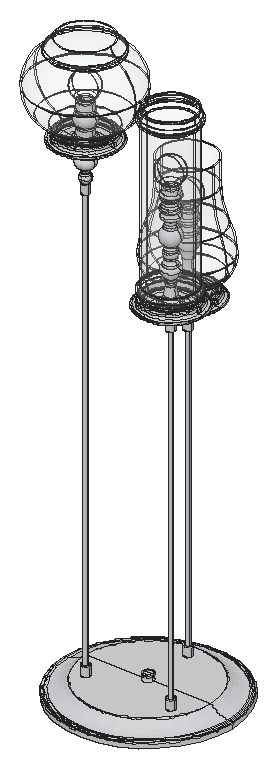
Revit family "Light_Fixture-Pendant-KOHLER-Damask-K-23341_1", category Lighting Fixtures, host Face, Revit 2017 (continued)
Definition of nested family "K-23341"
  Lines and regions (in)
    Masking region 2
      outline origin (0, 3.65551, 0) x (0, 0, -1) y (-1, 0, 0)
        loop
          arc (-26.96066, -3.49261) -> (-26.87226, -3.5439) -> (-26.79545, -3.47649) r 0.08758
          line (-26.79545, -3.47649) -> (-26.79545, -3.42572)
          arc (-26.79545, -3.42572) -> (-26.78861, -3.43925) -> (-26.77446, -3.4447) r 0.02109
          line (-26.77446, -3.4447) -> (-26.1077, -3.4447)
          arc (-26.1077, -3.4447) -> (-26.09291, -3.43857) -> (-26.08679, -3.42379) r 0.02091
          line (-26.08679, -3.42379) -> (-26.08679, -3.2867) -> (-1.77165, -3.2867) -> (-1.77165, -3.42349)
          arc (-1.77165, -3.42349) -> (-1.76558, -3.43815) -> (-1.75092, -3.44423) r 0.02073
          line (-1.75092, -3.44423) -> (-1.08811, -3.44423)
          arc (-1.08811, -3.44423) -> (-1.07023, -3.43696) -> (-1.0625, -3.41928) r 0.02561
          line (-1.0625, -3.41928) -> (-1.0625, -4.60472)
          arc (-1.0625, -4.60472) -> (-1.05823, -4.62558) -> (-1.04611, -4.64308) r 0.05308
          arc (-1.04611, -4.64308) -> (-0.60836, -5.26401) -> (-0.43737, -6.00424) r 1.97506
          arc (-0.43737, -6.00424) -> (-0.42285, -6.05013) -> (-0.38661, -6.08181) r 0.08926
          arc (-0.38661, -6.08181) -> (-0.36432, -6.09411) -> (-0.35545, -6.11798) r 0.03658
          line (-0.35545, -6.11798) -> (-0.35545, -6.20934)
          arc (-0.35545, -6.20934) -> (-0.34354, -6.23809) -> (-0.31479, -6.25) r 0.04066
          line (-0.31479, -6.25) -> (0, -6.25) -> (0, 6.25) -> (-0.31479, 6.25)
        loop
          line (-1.77165, -0.13805) -> (-22.62086, -0.13805) -> (-22.62086, -0.27538)
          arc (-22.62086, -0.27538) -> (-22.62665, -0.28937) -> (-22.64064, -0.29517) r 0.01978
          line (-22.64064, -0.29517) -> (-23.3093, -0.29517)
          arc (-23.3093, -0.29517) -> (-23.32341, -0.28944) -> (-23.32952, -0.27549) r 0.02023
          line (-23.32952, -0.27549) -> (-23.32952, -0.32812)
          arc (-23.32952, -0.32812) -> (-23.37123, -0.37758) -> (-23.42701, -0.34481) r 0.05017
          arc (-23.42701, -0.34481) -> (-23.43743, -0.33326) -> (-23.45297, -0.33252) r 0.02022
          arc (-23.45297, -0.33252) -> (-23.47474, -0.34466) -> (-23.49154, -0.36307) r 0.07766
          arc (-23.49154, -0.36307) -> (-23.51333, -0.39171) -> (-23.53899, -0.41694) r 0.25106
          arc (-23.53899, -0.41694) -> (-23.5759, -0.42861) -> (-23.61003, -0.41033) r 0.04982
          arc (-23.61003, -0.41033) -> (-23.62403, -0.40313) -> (-23.63878, -0.40864) r 0.01947
          arc (-23.63878, -0.40864) -> (-23.75597, -0.48547) -> (-23.89349, -0.5124) r 0.3645
          arc (-23.89349, -0.5124) -> (-23.97298, -0.49194) -> (-24.03272, -0.43564) r 0.16464
          arc (-24.03272, -0.43564) -> (-24.04548, -0.42766) -> (-24.05968, -0.43266) r 0.01735
          arc (-24.05968, -0.43266) -> (-24.0888, -0.44203) -> (-24.11331, -0.42374) r 0.03336
          arc (-24.11331, -0.42374) -> (-24.12457, -0.4032) -> (-24.13776, -0.38384) r 0.24292
          arc (-24.13776, -0.38384) -> (-24.16273, -0.36133) -> (-24.19428, -0.34975) r 0.08859
          arc (-24.19428, -0.34975) -> (-24.23529, -0.34815) -> (-24.27548, -0.35651) r 0.16847
          arc (-24.27548, -0.35651) -> (-24.32818, -0.38581) -> (-24.36719, -0.43178) r 0.16847
          arc (-24.36719, -0.43178) -> (-24.37907, -0.44678) -> (-24.39476, -0.45772) r 0.0657
          arc (-24.39476, -0.45772) -> (-24.41747, -0.4573) -> (-24.43012, -0.43844) r 0.02455
          line (-24.43012, -0.43844) -> (-24.43012, -0.97431)
          arc (-24.43012, -0.97431) -> (-24.43455, -0.99096) -> (-24.44667, -1.0032) r 0.03348
          arc (-24.44667, -1.0032) -> (-24.49271, -1.04318) -> (-24.52118, -1.0971) r 0.16573
          arc (-24.52118, -1.0971) -> (-24.54803, -1.20311) -> (-24.56361, -1.31136) r 1.03998
          arc (-24.56361, -1.31136) -> (-24.57758, -1.46869) -> (-24.59101, -1.62608) r 45.49267
          arc (-24.59101, -1.62608) -> (-24.60765, -1.83072) -> (-24.62336, -2.03545) r 45.49267
          arc (-24.62336, -2.03545) -> (-24.63769, -2.13895) -> (-24.66496, -2.23982) r 0.82677
          arc (-24.66496, -2.23982) -> (-24.69648, -2.30641) -> (-24.74233, -2.36408) r 0.32156
          arc (-24.74233, -2.36408) -> (-24.77716, -2.37253) -> (-24.80069, -2.34551) r 0.03449
          arc (-24.80069, -2.34551) -> (-24.80821, -2.29576) -> (-24.81371, -2.24575) r 1.24951
          arc (-24.81371, -2.24575) -> (-24.83472, -2.15603) -> (-24.87976, -2.07565) r 0.3292
          arc (-24.87976, -2.07565) -> (-24.90377, -2.04927) -> (-24.93201, -2.02748) r 0.20429
          line (-24.93201, -2.02748) -> (-24.93201, -2.09011)
          arc (-24.93201, -2.09011) -> (-24.93898, -2.10696) -> (-24.95583, -2.11394) r 0.02383
          line (-24.95583, -2.11394) -> (-25.223, -2.11394)
          arc (-25.223, -2.11394) -> (-25.24003, -2.10688) -> (-25.24709, -2.08985) r 0.02409
          line (-25.24709, -2.08985) -> (-25.24709, -1.96577) -> (-25.24709, -1.753)
          arc (-25.24709, -1.753) -> (-25.88105, -1.99257) -> (-26.38388, -2.44697) r 1.82489
          arc (-26.38388, -2.44697) -> (-26.58361, -2.63917) -> (-26.83257, -2.76107) r 0.89528
          arc (-26.83257, -2.76107) -> (-26.80542, -2.78758) -> (-26.79545, -2.8242) r 0.07225
          line (-26.79545, -2.8242) -> (-26.79545, -2.87349)
          arc (-26.79545, -2.87349) -> (-26.78861, -2.85996) -> (-26.77446, -2.85452) r 0.02109
          line (-26.77446, -2.85452) -> (-26.1077, -2.85452)
          arc (-26.1077, -2.85452) -> (-26.09291, -2.86064) -> (-26.08679, -2.87543) r 0.02091
          line (-26.08679, -2.87543) -> (-26.08679, -3.01252) -> (-1.77165, -3.01252) -> (-1.77165, -2.87572)
          arc (-1.77165, -2.87572) -> (-1.76558, -2.86106) -> (-1.75092, -2.85499) r 0.02073
          line (-1.75092, -2.85499) -> (-1.08811, -2.85499)
          arc (-1.08811, -2.85499) -> (-1.07023, -2.86225) -> (-1.0625, -2.87993) r 0.02561
          line (-1.0625, -2.87993) -> (-1.0625, -0.35265)
          arc (-1.0625, -0.35265) -> (-1.22149, -0.30281) -> (-1.38047, -0.35265) r 0.27852
          line (-1.38047, -0.35265) -> (-1.5097, -0.35265)
          arc (-1.5097, -0.35265) -> (-1.52783, -0.34514) -> (-1.53534, -0.32701) r 0.02563
          line (-1.53534, -0.32701) -> (-1.53534, -0.29512) -> (-1.75035, -0.29512)
          arc (-1.75035, -0.29512) -> (-1.76541, -0.28888) -> (-1.77165, -0.27381) r 0.02131
          line (-1.77165, -0.27381) -> (-1.77165, -0.13805)
    Masking region 3
      outline origin (0, 0, 0) x (0, 1, 0) y (0, 0, 1)
        loop
          line (6.25, 0) -> (6.25, 0.31874)
          arc (6.25, 0.31874) -> (6.23947, 0.34417) -> (6.21404, 0.3547) r 0.03596
          line (6.21404, 0.3547) -> (6.12593, 0.3547)
          arc (6.12593, 0.3547) -> (6.09846, 0.36341) -> (6.08104, 0.38637) r 0.04764
          arc (6.08104, 0.38637) -> (6.05294, 0.42294) -> (6.00873, 0.43607) r 0.07479
          arc (6.00873, 0.43607) -> (5.2665, 0.60523) -> (4.63454, 1.02966) r 2.08406
          arc (4.63454, 1.02966) -> (4.59753, 1.05397) -> (4.55408, 1.0625) r 0.11498
          line (4.55408, 1.0625) -> (3.92928, 1.0625)
          arc (3.92928, 1.0625) -> (3.944, 1.06892) -> (3.95005, 1.08379) r 0.0213
          line (3.95005, 1.08379) -> (3.95005, 1.75169)
          arc (3.95005, 1.75169) -> (3.9442, 1.76581) -> (3.93009, 1.77165) r 0.01996
          line (3.93009, 1.77165) -> (3.7928, 1.77165) -> (3.7928, 22.62086) -> (3.92919, 22.62086)
          arc (3.92919, 22.62086) -> (3.94486, 22.62735) -> (3.95135, 22.64302) r 0.02216
          line (3.95135, 22.64302) -> (3.95135, 23.30072)
          arc (3.95135, 23.30072) -> (3.94632, 23.31785) -> (3.93282, 23.32952) r 0.03164
          line (3.93282, 23.32952) -> (3.9842, 23.32952)
          arc (3.9842, 23.32952) -> (4.03278, 23.36933) -> (4.00327, 23.42478) r 0.04954
          arc (4.00327, 23.42478) -> (3.98813, 23.44279) -> (3.99403, 23.46557) r 0.02566
          arc (3.99403, 23.46557) -> (4.02817, 23.50019) -> (4.06551, 23.53134) r 0.50099
          arc (4.06551, 23.53134) -> (4.08492, 23.56928) -> (4.06715, 23.60801) r 0.04885
          arc (4.06715, 23.60801) -> (4.05929, 23.62322) -> (4.06485, 23.63941) r 0.02177
          arc (4.06485, 23.63941) -> (4.14059, 23.76379) -> (4.16539, 23.90729) r 0.38973
          arc (4.16539, 23.90729) -> (4.14521, 23.97927) -> (4.09229, 24.03208) r 0.14732
          arc (4.09229, 24.03208) -> (4.08309, 24.04586) -> (4.0883, 24.0616) r 0.01889
          arc (4.0883, 24.0616) -> (4.09667, 24.09085) -> (4.07682, 24.11391) r 0.03203
          arc (4.07682, 24.11391) -> (4.01238, 24.17487) -> (4.00993, 24.26355) r 0.1159
          arc (4.00993, 24.26355) -> (4.04859, 24.33139) -> (4.1059, 24.38443) r 0.25617
          arc (4.1059, 24.38443) -> (4.11611, 24.41151) -> (4.09395, 24.43012) r 0.02503
          line (4.09395, 24.43012) -> (4.62815, 24.43012)
          arc (4.62815, 24.43012) -> (4.64625, 24.43477) -> (4.65986, 24.44759) r 0.03753
          arc (4.65986, 24.44759) -> (4.70027, 24.49262) -> (4.75323, 24.52187) r 0.18154
          arc (4.75323, 24.52187) -> (4.87573, 24.55424) -> (5.00181, 24.56694) r 0.80342
          line (5.00181, 24.56694) -> (5.44326, 24.60556) -> (5.77797, 24.63484)
          arc (5.77797, 24.63484) -> (5.90783, 24.66839) -> (6.01974, 24.74232) r 0.40705
          arc (6.01974, 24.74232) -> (6.02818, 24.78251) -> (5.99315, 24.80393) r 0.03562
          arc (5.99315, 24.80393) -> (5.86626, 24.81519) -> (5.74878, 24.86443) r 0.41465
          arc (5.74878, 24.86443) -> (5.67153, 24.94882) -> (5.65054, 25.06129) r 0.20817
          line (5.65054, 25.06129) -> (5.65054, 25.21766)
          arc (5.65054, 25.21766) -> (5.64185, 25.23862) -> (5.6209, 25.2473) r 0.02964
          line (5.6209, 25.2473) -> (5.4157, 25.2473) -> (5.4851, 25.5063)
          arc (5.4851, 25.5063) -> (5.6898, 25.95708) -> (6.02913, 26.31758) r 1.51206
          arc (6.02913, 26.31758) -> (6.49576, 26.92441) -> (6.59301, 27.6837) r 1.46638
          arc (6.59301, 27.6837) -> (6.38019, 28.79211) -> (6.05125, 29.87178) r 10.64933
          arc (6.05125, 29.87178) -> (5.75231, 30.94707) -> (5.62318, 32.05564) r 7.1987
          line (5.62318, 32.05564) -> (5.62318, 34.05512) -> (1.68784, 34.05512) -> (1.68784, 32.05564)
          arc (1.68784, 32.05564) -> (1.55871, 30.94707) -> (1.25978, 29.87178) r 7.1987
          arc (1.25978, 29.87178) -> (0.93084, 28.79211) -> (0.71801, 27.6837) r 10.64933
          arc (0.71801, 27.6837) -> (0.81526, 26.92441) -> (1.28189, 26.31758) r 1.46638
          arc (1.28189, 26.31758) -> (1.62122, 25.95708) -> (1.82592, 25.5063) r 1.51206
          line (1.82592, 25.5063) -> (1.89532, 25.2473) -> (1.69013, 25.2473)
          arc (1.69013, 25.2473) -> (1.66917, 25.23862) -> (1.66049, 25.21766) r 0.02964
          line (1.66049, 25.21766) -> (1.66049, 25.06129)
          arc (1.66049, 25.06129) -> (1.6395, 24.94882) -> (1.56224, 24.86443) r 0.20817
          arc (1.56224, 24.86443) -> (1.44476, 24.81519) -> (1.31788, 24.80393) r 0.41465
          arc (1.31788, 24.80393) -> (1.28284, 24.78251) -> (1.29128, 24.74232) r 0.03562
          arc (1.29128, 24.74232) -> (1.40319, 24.66839) -> (1.53306, 24.63484) r 0.40705
          line (1.53306, 24.63484) -> (1.86776, 24.60556) -> (2.30922, 24.56694)
          arc (2.30922, 24.56694) -> (2.43529, 24.55424) -> (2.5578, 24.52187) r 0.80342
          arc (2.5578, 24.52187) -> (2.61076, 24.49262) -> (2.65116, 24.44759) r 0.18154
          arc (2.65116, 24.44759) -> (2.66477, 24.43477) -> (2.68288, 24.43012) r 0.03753
          line (2.68288, 24.43012) -> (3.21707, 24.43012)
          arc (3.21707, 24.43012) -> (3.19491, 24.41151) -> (3.20512, 24.38443) r 0.02503
          arc (3.20512, 24.38443) -> (3.26243, 24.33139) -> (3.3011, 24.26355) r 0.25617
          arc (3.3011, 24.26355) -> (3.29864, 24.17487) -> (3.23421, 24.11391) r 0.1159
          arc (3.23421, 24.11391) -> (3.21435, 24.09085) -> (3.22273, 24.0616) r 0.03203
          arc (3.22273, 24.0616) -> (3.22793, 24.04586) -> (3.21873, 24.03208) r 0.01889
          arc (3.21873, 24.03208) -> (3.16582, 23.97927) -> (3.14564, 23.90729) r 0.14732
          arc (3.14564, 23.90729) -> (3.17043, 23.76379) -> (3.24617, 23.63941) r 0.38973
          arc (3.24617, 23.63941) -> (3.25173, 23.62322) -> (3.24387, 23.60801) r 0.02177
          arc (3.24387, 23.60801) -> (3.22611, 23.56928) -> (3.24551, 23.53134) r 0.04885
          arc (3.24551, 23.53134) -> (3.28285, 23.50019) -> (3.31699, 23.46557) r 0.50099
          arc (3.31699, 23.46557) -> (3.3229, 23.44279) -> (3.30775, 23.42478) r 0.02566
          arc (3.30775, 23.42478) -> (3.27825, 23.36933) -> (3.32682, 23.32952) r 0.04954
          line (3.32682, 23.32952) -> (3.37821, 23.32952)
          arc (3.37821, 23.32952) -> (3.36471, 23.31785) -> (3.35967, 23.30072) r 0.03164
          line (3.35967, 23.30072) -> (3.35967, 22.64302)
          arc (3.35967, 22.64302) -> (3.36616, 22.62735) -> (3.38183, 22.62086) r 0.02216
          line (3.38183, 22.62086) -> (3.51822, 22.62086) -> (3.51822, 1.77165) -> (3.38093, 1.77165)
          arc (3.38093, 1.77165) -> (3.36682, 1.76581) -> (3.36097, 1.75169) r 0.01996
          line (3.36097, 1.75169) -> (3.36097, 1.08379)
          arc (3.36097, 1.08379) -> (3.36721, 1.06873) -> (3.38227, 1.0625) r 0.0213
          line (3.38227, 1.0625) -> (0.35488, 1.0625)
          arc (0.35488, 1.0625) -> (0.30372, 1.21955) -> (0.35265, 1.37732) r 0.27261
          line (0.35265, 1.37732) -> (0.35265, 1.50701)
          arc (0.35265, 1.50701) -> (0.34423, 1.52734) -> (0.3239, 1.53576) r 0.02875
          line (0.3239, 1.53576) -> (-0.3239, 1.53576)
          arc (-0.3239, 1.53576) -> (-0.34423, 1.52734) -> (-0.35265, 1.50701) r 0.02875
          line (-0.35265, 1.50701) -> (-0.35265, 1.37732)
          arc (-0.35265, 1.37732) -> (-0.30372, 1.21955) -> (-0.35488, 1.0625) r 0.27261
          line (-0.35488, 1.0625) -> (-1.582, 1.0625)
          arc (-1.582, 1.0625) -> (-1.56728, 1.06892) -> (-1.56122, 1.08379) r 0.0213
          line (-1.56122, 1.08379) -> (-1.56122, 1.75169)
          arc (-1.56122, 1.75169) -> (-1.56707, 1.76581) -> (-1.58118, 1.77165) r 0.01996
          line (-1.58118, 1.77165) -> (-1.71847, 1.77165) -> (-1.71847, 26.08656) -> (-1.58039, 26.08656)
          arc (-1.58039, 26.08656) -> (-1.56626, 26.09241) -> (-1.5604, 26.10654) r 0.01998
          line (-1.5604, 26.10654) -> (-1.5604, 26.77241)
          arc (-1.5604, 26.77241) -> (-1.56715, 26.7887) -> (-1.58345, 26.79545) r 0.02305
          line (-1.58345, 26.79545) -> (-1.54611, 26.79545)
          arc (-1.54611, 26.79545) -> (-1.46488, 26.85661) -> (-1.50119, 26.95158) r 0.08453
          arc (-1.50119, 26.95158) -> (-1.53044, 26.97947) -> (-1.54645, 27.01658) r 0.10115
          arc (-1.54645, 27.01658) -> (-1.55687, 27.11064) -> (-1.54923, 27.20496) r 0.49582
          arc (-1.54923, 27.20496) -> (-1.53446, 27.24107) -> (-1.50615, 27.26792) r 0.09277
          arc (-1.50615, 27.26792) -> (-1.46393, 27.34044) -> (-1.50164, 27.41541) r 0.08807
          line (-1.50164, 27.41541) -> (-0.90237, 27.41541)
          arc (-0.90237, 27.41541) -> (-0.87581, 27.42183) -> (-0.8551, 27.43965) r 0.05821
          arc (-0.8551, 27.43965) -> (-0.75944, 27.52202) -> (-0.63672, 27.55166) r 0.26895
          line (-0.63672, 27.55166) -> (0.2193, 27.62656)
          arc (0.2193, 27.62656) -> (0.3719, 27.6632) -> (0.50712, 27.74289) r 0.53065
          arc (0.50712, 27.74289) -> (0.51811, 27.77739) -> (0.49081, 27.80118) r 0.03298
          line (0.49081, 27.80118) -> (0.34832, 27.8206)
          arc (0.34832, 27.8206) -> (0.20745, 27.89193) -> (0.14085, 28.0351) r 0.24131
          line (0.14085, 28.0351) -> (0.14085, 28.21611)
          arc (0.14085, 28.21611) -> (0.1315, 28.23868) -> (0.10893, 28.24803) r 0.03192
          line (0.10893, 28.24803) -> (-0.10184, 28.24803) -> (-0.05058, 28.28392)
          arc (-0.05058, 28.28392) -> (-0.03542, 28.30046) -> (-0.02867, 28.32185) r 0.05187
          arc (-0.02867, 28.32185) -> (-0.00391, 28.41483) -> (0.05079, 28.49399) r 0.28074
          arc (0.05079, 28.49399) -> (0.14065, 28.62787) -> (0.17579, 28.78523) r 0.4366
          arc (0.17579, 28.78523) -> (0.11819, 28.97866) -> (-0.04435, 29.0983) r 0.31754
          line (-0.04435, 29.0983) -> (-0.04435, 36.34244) -> (0.17795, 36.35916)
          arc (0.17795, 36.35916) -> (0.22721, 36.36461) -> (0.27597, 36.37349) r 0.70752
          arc (0.27597, 36.37349) -> (0.39555, 36.41278) -> (0.50465, 36.47554) r 0.61649
          arc (0.50465, 36.47554) -> (0.51795, 36.51365) -> (0.48669, 36.53917) r 0.03518
          arc (0.48669, 36.53917) -> (0.41305, 36.54662) -> (0.33991, 36.55799) r 1.38347
          arc (0.33991, 36.55799) -> (0.20981, 36.62599) -> (0.14098, 36.75566) r 0.24789
          line (0.14098, 36.75566) -> (0.14098, 36.9516)
          arc (0.14098, 36.9516) -> (0.13177, 36.97383) -> (0.10954, 36.98304) r 0.03144
          line (0.10954, 36.98304) -> (-0.08607, 36.98304) -> (-0.05954, 37.05592)
          arc (-0.05954, 37.05592) -> (0.0866, 37.30002) -> (0.313, 37.47233) r 0.75168
          arc (0.313, 37.47233) -> (1.44125, 38.4664) -> (1.92041, 39.89172) r 2.90157
          arc (1.92041, 39.89172) -> (1.63107, 41.29821) -> (0.67021, 42.36529) r 2.74039
          arc (0.67021, 42.36529) -> (0.63695, 42.40775) -> (0.63707, 42.46169) r 0.08238
          arc (0.63707, 42.46169) -> (0.63094, 42.55883) -> (0.5571, 42.62227) r 0.12528
          arc (0.5571, 42.62227) -> (0.218, 42.86089) -> (0.07473, 43.25) r 0.69612
          line (0.07473, 43.25) -> (-3.78566, 43.25)
          arc (-3.78566, 43.25) -> (-3.92892, 42.86089) -> (-4.26803, 42.62227) r 0.69612
          arc (-4.26803, 42.62227) -> (-4.34187, 42.55883) -> (-4.348, 42.46169) r 0.12528
          arc (-4.348, 42.46169) -> (-4.34787, 42.40775) -> (-4.38114, 42.36529) r 0.08238
          arc (-4.38114, 42.36529) -> (-5.342, 41.29821) -> (-5.63134, 39.89172) r 2.74039
          arc (-5.63134, 39.89172) -> (-5.15217, 38.4664) -> (-4.02393, 37.47233) r 2.90157
          arc (-4.02393, 37.47233) -> (-3.79753, 37.30002) -> (-3.65139, 37.05592) r 0.75168
          line (-3.65139, 37.05592) -> (-3.62486, 36.98304) -> (-3.82047, 36.98304)
          arc (-3.82047, 36.98304) -> (-3.8427, 36.97383) -> (-3.85191, 36.9516) r 0.03144
          line (-3.85191, 36.9516) -> (-3.85191, 36.75566)
          arc (-3.85191, 36.75566) -> (-3.92073, 36.62599) -> (-4.05084, 36.55799) r 0.24789
          arc (-4.05084, 36.55799) -> (-4.12398, 36.54662) -> (-4.19762, 36.53917) r 1.38347
          arc (-4.19762, 36.53917) -> (-4.22888, 36.51365) -> (-4.21558, 36.47554) r 0.03518
          arc (-4.21558, 36.47554) -> (-4.10648, 36.41278) -> (-3.9869, 36.37349) r 0.61649
          arc (-3.9869, 36.37349) -> (-3.93814, 36.36461) -> (-3.88888, 36.35916) r 0.70752
          line (-3.88888, 36.35916) -> (-3.66658, 36.34244) -> (-3.66658, 29.0983)
          arc (-3.66658, 29.0983) -> (-3.82911, 28.97866) -> (-3.88671, 28.78523) r 0.31754
          arc (-3.88671, 28.78523) -> (-3.85157, 28.62787) -> (-3.76171, 28.49399) r 0.4366
          arc (-3.76171, 28.49399) -> (-3.70702, 28.41483) -> (-3.68226, 28.32185) r 0.28074
          arc (-3.68226, 28.32185) -> (-3.6755, 28.30046) -> (-3.66034, 28.28392) r 0.05187
          line (-3.66034, 28.28392) -> (-3.60909, 28.24803) -> (-3.81985, 28.24803)
          arc (-3.81985, 28.24803) -> (-3.84243, 28.23868) -> (-3.85178, 28.21611) r 0.03192
          line (-3.85178, 28.21611) -> (-3.85178, 28.0351)
          arc (-3.85178, 28.0351) -> (-3.91838, 27.89193) -> (-4.05925, 27.8206) r 0.24131
          line (-4.05925, 27.8206) -> (-4.20174, 27.80118)
          arc (-4.20174, 27.80118) -> (-4.22904, 27.77739) -> (-4.21804, 27.74289) r 0.03298
          arc (-4.21804, 27.74289) -> (-4.08283, 27.6632) -> (-3.93023, 27.62656) r 0.53065
          line (-3.93023, 27.62656) -> (-3.0742, 27.55166)
          arc (-3.0742, 27.55166) -> (-2.95149, 27.52202) -> (-2.85582, 27.43965) r 0.26895
          arc (-2.85582, 27.43965) -> (-2.83512, 27.42183) -> (-2.80855, 27.41541) r 0.05821
          line (-2.80855, 27.41541) -> (-2.20929, 27.41541)
          arc (-2.20929, 27.41541) -> (-2.247, 27.34044) -> (-2.20478, 27.26792) r 0.08807
          arc (-2.20478, 27.26792) -> (-2.17647, 27.24107) -> (-2.1617, 27.20496) r 0.09277
          arc (-2.1617, 27.20496) -> (-2.15406, 27.11064) -> (-2.16448, 27.01658) r 0.49582
          arc (-2.16448, 27.01658) -> (-2.18048, 26.97947) -> (-2.20974, 26.95158) r 0.10115
          arc (-2.20974, 26.95158) -> (-2.24605, 26.85661) -> (-2.16482, 26.79545) r 0.08453
          line (-2.16482, 26.79545) -> (-2.12748, 26.79545)
          arc (-2.12748, 26.79545) -> (-2.14377, 26.7887) -> (-2.15052, 26.77241) r 0.02305
          line (-2.15052, 26.77241) -> (-2.15052, 26.10654)
          arc (-2.15052, 26.10654) -> (-2.14467, 26.09241) -> (-2.13054, 26.08656) r 0.01998
          line (-2.13054, 26.08656) -> (-1.99305, 26.08656) -> (-1.99305, 1.77165) -> (-2.13034, 1.77165)
          arc (-2.13034, 1.77165) -> (-2.14445, 1.76581) -> (-2.1503, 1.75169) r 0.01996
          line (-2.1503, 1.75169) -> (-2.1503, 1.08379)
          arc (-2.1503, 1.08379) -> (-2.14425, 1.06892) -> (-2.12953, 1.0625) r 0.0213
          line (-2.12953, 1.0625) -> (-4.55408, 1.0625)
          arc (-4.55408, 1.0625) -> (-4.59753, 1.05397) -> (-4.63454, 1.02966) r 0.11498
          arc (-4.63454, 1.02966) -> (-5.2665, 0.60523) -> (-6.00873, 0.43607) r 2.08406
          arc (-6.00873, 0.43607) -> (-6.05294, 0.42294) -> (-6.08104, 0.38637) r 0.07479
          arc (-6.08104, 0.38637) -> (-6.09846, 0.36341) -> (-6.12593, 0.3547) r 0.04764
          line (-6.12593, 0.3547) -> (-6.21404, 0.3547)
          arc (-6.21404, 0.3547) -> (-6.23947, 0.34417) -> (-6.25, 0.31874) r 0.03596
          line (-6.25, 0.31874) -> (-6.25, 0) -> (6.25, 0)
    symbolic lines, detail levels medium+fine
      curve 1: circle (3.14961, -1.85546, 0) r 2.375 normal (0, 0, 1)
      curve 2: arc (-0.40562, 0.74615, 0) -> (2.71101, 2.52443, 0) -> (1.7824, 5.99046, 0) r 2.9375
      curve 3: arc (-2.74488, -5.61499, 0) -> (0.10834, 0.06382, 0) -> (-6.24176, 0.32087, 0) r 3.78125
      curve 4: circle (-3.14961, -1.85546, 0) r 1 normal (0, 0, 1)
      curve 5: circle (-3.14961, -1.85546, 0) r 1.60651 normal (0, 0, 1)
      curve 6: circle (-3.14961, -1.85546, 0) r 1.82849 normal (0, 0, 1)
      curve 7: circle (-3.14961, -1.85546, 0) r 1.9302 normal (0, 0, 1)
      curve 8: circle (-3.14961, -1.85546, 0) r 2.5 normal (0, 0, 1)
      curve 9: circle (0, 3.65551, 0) r 1 normal (0, 0, 1)
      curve 10: circle (0, 3.65551, 0) r 1.61348 normal (0, 0, 1)
      curve 11: circle (0, 3.65551, 0) r 1.85272 normal (0, 0, 1)
      curve 12: circle (0, 3.65551, 0) r 1.96767 normal (0, 0, 1)
      curve 13: circle (3.14961, -1.85546, 0) r 1 normal (0, 0, 1)
      curve 14: circle (3.14961, -1.85546, 0) r 1.58656 normal (0, 0, 1)
      curve 15: circle (3.14961, -1.85546, 0) r 1.70407 normal (0, 0, 1)
      curve 16: circle (3.14961, -1.85546, 0) r 2.03125 normal (0, 0, 1)
      curve 17: arc (-0.07504, 0.34565, 0) -> (0.30476, 0.17953, 0) -> (0.26596, -0.23319, 0) r 0.35371
      curve 18: line (2.00381, -0.17822, 0) -> (1.97128, -0.1306, 0)
      curve 19: line (1.97992, -0.09264, 0) -> (2.20907, 0.03965, 0)
      curve 20: line (2.27162, -0.02376, 0) -> (2.23976, 0.03143, 0)
      curve 21: arc (1.97128, -0.1306, 0) -> (1.96732, -0.10974, 0) -> (1.97992, -0.09264, 0) r 0.02654
      curve 22: arc (2.20907, 0.03965, 0) -> (2.22612, 0.0419, 0) -> (2.23976, 0.03143, 0) r 0.02247
      curve 23: line (2.00317, -3.53226, 0) -> (1.97363, -3.57546, 0)
      curve 24: line (2.27056, -3.68665, 0) -> (2.25037, -3.72871, 0)
      curve 25: line (2.20558, -3.74336, 0) -> (1.986, -3.62597, 0)
      curve 26: arc (1.986, -3.62597, 0) -> (1.96854, -3.60347, 0) -> (1.97363, -3.57546, 0) r 0.03492
      curve 27: arc (2.25037, -3.72871, 0) -> (2.2311, -3.7456, 0) -> (2.20558, -3.74336, 0) r 0.03262
      curve 28: line (5.17506, -1.70215, 0) -> (5.23549, -1.70215, 0)
      curve 29: line (5.17471, -2.01331, 0) -> (5.24111, -2.01331, 0)
      curve 30: line (5.25963, -1.72629, 0) -> (5.25963, -1.99479, 0)
      curve 31: arc (5.24111, -2.01331, 0) -> (5.25421, -2.00789, 0) -> (5.25963, -1.99479, 0) r 0.01852
      curve 32: arc (5.23549, -1.70215, 0) -> (5.25256, -1.70922, 0) -> (5.25963, -1.72629, 0) r 0.02414
      curve 33: line (-4.92068, 3.65551, 36.98366) -> (-1.25984, 3.65551, 36.98366)
      curve 34: line (-3.62202, 3.65551, 36.125) -> (-2.67719, 3.65551, 36.125)
      curve 35: line (-3.62202, 3.65551, 35.64628) -> (-2.67719, 3.65551, 35.64628)
      curve 36: line (-3.63629, 3.65551, 35.53056) -> (-2.66292, 3.65551, 35.53056)
      curve 37: line (-3.36626, 3.65551, 34.50561) -> (-2.93295, 3.65551, 34.50561)
      curve 38: line (-3.39892, 3.65551, 34.3745) -> (-2.90029, 3.65551, 34.3745)
      curve 39: line (-3.40092, 3.65551, 34.28777) -> (-2.89829, 3.65551, 34.28777)
      curve 40: line (-3.36598, 3.65551, 33.64033) -> (-2.93222, 3.65551, 33.64033)
      curve 41: line (-3.28736, 3.65551, 32.8923) -> (-3.01185, 3.65551, 32.8923)
      curve 42: line (1.33702, 3.65551, 34.05512) -> (1.33702, 3.65551, 29.0983)
      curve 43: line (-1.753, 3.65551, 25.24709) -> (1.753, 3.65551, 25.24709)
      curve 44: line (-0.43844, 3.65551, 24.43012) -> (0.43844, 3.65551, 24.43012)
      curve 45: line (0.4476, 3.65551, 24.0244) -> (-0.4476, 3.65551, 24.0244)
      curve 46: line (-0.40313, 3.65551, 23.62403) -> (0.40313, 3.65551, 23.62403)
      curve 47: line (-0.34481, 3.65551, 23.42701) -> (0.34481, 3.65551, 23.42701)
      curve 48: line (-0.27549, 3.65551, 23.32952) -> (0.27549, 3.65551, 23.32952)
      curve 49: line (-0.13805, 3.65551, 22.62086) -> (0.13805, 3.65551, 22.62086)
      curve 50: line (3.01252, 3.65551, 26.08679) -> (3.2867, 3.65551, 26.08679)
      curve 51: line (1.99739, 3.65551, 25.24632) -> (1.99739, 3.65551, 25.08961)
      curve 52: arc (1.99739, 3.65551, 25.08961) -> (2.00498, 3.65551, 25.00938) -> (2.02748, 3.65551, 24.93201) r 0.42773
      curve 53: arc (1.33702, 3.65551, 29.0983) -> (1.12497, 3.65551, 28.85545) -> (1.2091, 3.65551, 28.54422) r 0.34195
      curve 54: arc (1.2091, 3.65551, 28.54422) -> (1.27486, 3.65551, 28.45057) -> (1.31161, 3.65551, 28.3422) r 0.40246
      curve 55: line (1.39513, 3.65551, 28.24803) -> (1.36147, 3.65551, 28.26906)
      curve 56: arc (1.36147, 3.65551, 28.26906) -> (1.32886, 3.65551, 28.3004) -> (1.31161, 3.65551, 28.3422) r 0.11002
      curve 57: line (1.39513, 3.65551, 28.24803) -> (1.18224, 3.65551, 28.24803)
      curve 58: arc (1.18224, 3.65551, 28.24803) -> (1.16301, 3.65551, 28.24006) -> (1.15504, 3.65551, 28.22083) r 0.0272
      curve 59: arc (1.12201, 3.65551, 27.93475) -> (1.03292, 3.65551, 27.85364) -> (0.91813, 3.65551, 27.81704) r 0.28247
      curve 60: arc (0.91813, 3.65551, 27.81704) -> (0.85992, 3.65551, 27.81009) -> (0.80212, 3.65551, 27.80024) r 1.17215
      curve 61: arc (0.80212, 3.65551, 27.80024) -> (0.77533, 3.65551, 27.77361) -> (0.78964, 3.65551, 27.73864) r 0.03403
      curve 62: arc (0.78964, 3.65551, 27.73864) -> (0.94655, 3.65551, 27.66022) -> (1.11836, 3.65551, 27.62484) r 0.67546
      curve 63: line (1.11836, 3.65551, 27.62484) -> (1.81177, 3.65551, 27.57423)
      curve 64: arc (1.81177, 3.65551, 27.57423) -> (1.95575, 3.65551, 27.55172) -> (2.0941, 3.65551, 27.50595) r 0.88727
      curve 65: arc (2.0941, 3.65551, 27.50595) -> (2.14759, 3.65551, 27.46952) -> (2.1831, 3.65551, 27.41541) r 0.16606
      curve 66: line (2.1831, 3.65551, 27.41541) -> (2.8016, 3.65551, 27.41541)
      curve 67: arc (2.78314, 3.65551, 27.28037) -> (2.75838, 3.65551, 27.35254) -> (2.8016, 3.65551, 27.41541) r 0.08484
      curve 68: arc (2.8066, 3.65551, 26.96066) -> (2.85537, 3.65551, 27.12496) -> (2.78314, 3.65551, 27.28037) r 0.24207
      curve 69: line (2.82273, 3.65551, 26.79545) -> (2.87349, 3.65551, 26.79545)
      curve 70: arc (2.87349, 3.65551, 26.79545) -> (2.85996, 3.65551, 26.78861) -> (2.85452, 3.65551, 26.77446) r 0.02109
      curve 71: arc (2.76107, 3.65551, 26.83257) -> (2.77386, 3.65551, 26.90016) -> (2.8066, 3.65551, 26.96066) r 0.22358
      curve 72: arc (1.15504, 3.65551, 28.03426) -> (1.14597, 3.65551, 27.98203) -> (1.12201, 3.65551, 27.93475) r 0.17919
      curve 73: line (1.15504, 3.65551, 28.03426) -> (1.15504, 3.65551, 28.22083)
      curve 74: line (2.8016, 3.65551, 27.41541) -> (3.49761, 3.65551, 27.41541)
      curve 75: line (1.33702, 3.65551, 29.0983) -> (4.9622, 3.65551, 29.0983)
      curve 76: line (1.39513, 3.65551, 28.24803) -> (4.90409, 3.65551, 28.24803)
      curve 77: line (2.87349, 3.65551, 26.79545) -> (3.42572, 3.65551, 26.79545)
      curve 78: line (1.33849, 3.65551, 39.7444) -> (4.94995, 3.65551, 39.7444)
      curve 79: line (-3.28736, 3.65551, 1.77165) -> (-3.01185, 3.65551, 1.77165)
      curve 80: line (-0.13805, 3.65551, 1.77165) -> (0.13805, 3.65551, 1.77165)
      curve 81: line (3.01252, 3.65551, 1.77165) -> (3.2867, 3.65551, 1.77165)
      curve 82: line (-3.44577, 3.65551, 1.0625) -> (-2.85344, 3.65551, 1.0625)
      curve 83: line (-0.35371, 3.65551, 1.0625) -> (0.35371, 3.65551, 1.0625)
      curve 84: line (2.87993, 3.65551, 1.0625) -> (3.41928, 3.65551, 1.0625)
      curve 85: line (-6.11798, 3.65551, 0.35545) -> (6.11798, 3.65551, 0.35545)
      curve 86: line (-0.29512, 3.65551, 1.53534) -> (0.29512, 3.65551, 1.53534)
      curve 87: line (-0.35265, 3.65551, 1.38047) -> (0.35265, 3.65551, 1.38047)
      curve 88: line (-0.29512, 3.65551, 1.53534) -> (-0.29512, 3.65551, 1.38047)
      curve 89: line (-0.23007, 3.65551, 1.38047) -> (-0.23007, 3.65551, 1.53534)
      curve 90: line (-0.17778, 3.65551, 1.38047) -> (-0.17778, 3.65551, 1.53534)
      curve 91: line (-0.12369, 3.65551, 1.38047) -> (-0.12369, 3.65551, 1.53534)
      curve 92: line (-0.06779, 3.65551, 1.38047) -> (-0.06779, 3.65551, 1.53534)
      curve 93: line (0.29512, 3.65551, 1.53534) -> (0.29512, 3.65551, 1.38047)
      curve 94: line (0.23007, 3.65551, 1.38047) -> (0.23007, 3.65551, 1.53534)
      curve 95: line (0.17778, 3.65551, 1.38047) -> (0.17778, 3.65551, 1.53534)
      curve 96: line (0.12369, 3.65551, 1.38047) -> (0.12369, 3.65551, 1.53534)
      curve 97: line (0.06779, 3.65551, 1.38047) -> (0.06779, 3.65551, 1.53534)
      curve 98: line (0, 6.12593, 0.3547) -> (0, -6.12593, 0.3547)
      curve 99: line (0, -2.12953, 1.0625) -> (0, -1.582, 1.0625)
      curve 100: line (0, -1.71847, 1.77165) -> (0, -1.99288, 1.77165)
      curve 101: line (0, 0.35371, 1.0625) -> (0, -0.35371, 1.0625)
      curve 102: line (0, 3.79357, 1.77165) -> (0, 3.51746, 1.77165)
      curve 103: line (0, 3.92928, 1.0625) -> (0, 3.38227, 1.0625)
      curve 104: line (0, 0.35265, 1.38047) -> (0, -0.35488, 1.38047)
      curve 105: line (0, 0.35265, 1.50701) -> (0, -0.35265, 1.50701)
      curve 106: line (0, 0.31186, 1.50701) -> (0, 0.31186, 1.38047)
      curve 107: line (0, 0.26636, 1.50701) -> (0, 0.26636, 1.38047)
      curve 108: line (0, 0.21386, 1.50701) -> (0, 0.21386, 1.38047)
      curve 109: line (0, 0.15553, 1.50701) -> (0, 0.15553, 1.38047)
      curve 110: line (0, 0.1007, 1.50701) -> (0, 0.1007, 1.38047)
      curve 111: line (0, 0.0552, 1.50701) -> (0, 0.0552, 1.38047)
      curve 112: line (0, -0.31186, 1.50701) -> (0, -0.31186, 1.38047)
      curve 113: line (0, -0.26636, 1.50701) -> (0, -0.26636, 1.38047)
      curve 114: line (0, -0.21386, 1.50701) -> (0, -0.21386, 1.38047)
      curve 115: line (0, -0.15553, 1.50701) -> (0, -0.15553, 1.38047)
      curve 116: line (0, -0.1007, 1.50701) -> (0, -0.1007, 1.38047)
      curve 117: line (0, -0.0552, 1.50701) -> (0, -0.0552, 1.38047)
      curve 118: line (0, 0, 1.50701) -> (0, 0, 1.38047)
      curve 119: line (0, 5.4157, 25.2473) -> (0, 1.89532, 25.2473)
      curve 120: line (0, 4.09395, 24.43012) -> (0, 3.21707, 24.43012)
      curve 121: line (0, 4.09229, 24.03208) -> (0, 3.21873, 24.03208)
      curve 122: line (0, 4.06485, 23.63941) -> (0, 3.24617, 23.63941)
      curve 123: line (0, 4.00327, 23.42478) -> (0, 3.30775, 23.42478)
      curve 124: line (0, 3.93282, 23.32952) -> (0, 3.38002, 23.32952)
      curve 125: line (0, 3.79357, 22.62086) -> (0, 3.51822, 22.62086)
      curve 126: line (0, -1.71847, 26.08656) -> (0, -1.71847, 32.8923)
      curve 127: line (0, -1.99305, 26.08656) -> (0, -1.99305, 32.8923)
      curve 128: line (0, -1.58345, 26.79545) -> (0, -1.71847, 26.79545)
      curve 129: line (0, -2.12748, 26.79545) -> (0, -1.99305, 26.79545)
      curve 130: line (0, -1.50164, 27.41541) -> (0, -1.71847, 27.41541)
      curve 131: line (0, -2.20929, 27.41541) -> (0, -1.99305, 27.41541)
      curve 132: line (0, -0.10184, 28.24803) -> (0, -1.71847, 28.24803)
      curve 133: line (0, -3.60909, 28.24803) -> (0, -1.99305, 28.24803)
      curve 134: line (0, -0.04435, 29.0983) -> (0, -1.71847, 29.0983)
      curve 135: line (0, -3.66658, 29.0983) -> (0, -1.99305, 29.0983)
      curve 136: line (0, -0.08607, 36.98304) -> (0, -3.62486, 36.98304)
      curve 137: line (0, -0.04435, 36.34244) -> (0, -0.54244, 36.29887)
      curve 138: arc (0, -0.54244, 36.29887) -> (0, -0.6444, 36.28477) -> (0, -0.74443, 36.26054) r 1.02711
      curve 139: arc (0, -0.74443, 36.26054) -> (0, -0.81006, 36.22543) -> (0, -0.85643, 36.16721) r 0.18416
      curve 140: arc (0, -0.85643, 36.16721) -> (0, -0.8754, 36.14204) -> (0, -0.90193, 36.125) r 0.08956
      curve 141: line (0, -0.90193, 36.125) -> (0, -1.38305, 36.125)
      curve 142: line (0, -1.38305, 35.64628) -> (0, -1.38305, 36.125)
      curve 143: line (0, -1.85546, 32.8923) -> (0, -1.63673, 32.8923)
      curve 144: line (0, -1.85546, 33.64033) -> (0, -1.63549, 33.64033)
      curve 145: line (0, -1.60546, 32.92356) -> (0, -1.60546, 33.61031)
      curve 146: arc (0, -1.63673, 32.8923) -> (0, -1.61462, 32.90146) -> (0, -1.60546, 32.92356) r 0.03126
      curve 147: arc (0, -1.60546, 33.61031) -> (0, -1.61426, 33.63154) -> (0, -1.63549, 33.64033) r 0.03002
      curve 148: arc (0, -1.60788, 34.29397) -> (0, -1.46275, 33.96044) -> (0, -1.63549, 33.64033) r 0.41586
      curve 149: arc (0, -1.60788, 34.29397) -> (0, -1.61445, 34.30716) -> (0, -1.60953, 34.32105) r 0.01887
      curve 150: arc (0, -1.60953, 34.32105) -> (0, -1.59847, 34.34722) -> (0, -1.60642, 34.37448) r 0.04237
      curve 151: arc (0, -1.60642, 34.37448) -> (0, -1.60997, 34.38883) -> (0, -1.60256, 34.40163) r 0.01976
      curve 152: arc (0, -1.60256, 34.40163) -> (0, -1.58343, 34.46661) -> (0, -1.63881, 34.50561) r 0.05815
      curve 153: arc (0, -1.49152, 34.66375) -> (0, -1.59124, 34.60897) -> (0, -1.63881, 34.50561) r 0.18166
      curve 154: arc (0, -1.49152, 34.66375) -> (0, -1.21277, 34.95193) -> (0, -1.39349, 35.30982) r 0.3459
      curve 155: arc (0, -1.39349, 35.30982) -> (0, -1.45667, 35.42946) -> (0, -1.36808, 35.53173) r 0.11984
      curve 156: arc (0, -1.36808, 35.53173) -> (0, -1.32515, 35.59559) -> (0, -1.38305, 35.64628) r 0.05823
      curve 157: line (0, -3.66658, 36.34244) -> (0, -3.16848, 36.29887)
      curve 158: arc (0, -3.16848, 36.29887) -> (0, -3.06653, 36.28477) -> (0, -2.9665, 36.26054) r 1.02711
      curve 159: arc (0, -2.9665, 36.26054) -> (0, -2.90087, 36.22543) -> (0, -2.8545, 36.16721) r 0.18416
      curve 160: arc (0, -2.8545, 36.16721) -> (0, -2.83552, 36.14204) -> (0, -2.809, 36.125) r 0.08956
      curve 161: line (0, -2.809, 36.125) -> (0, -2.32788, 36.125)
      curve 162: line (0, -2.32788, 35.64628) -> (0, -2.32788, 36.125)
      curve 163: line (0, -1.85546, 32.8923) -> (0, -2.0742, 32.8923)
      curve 164: line (0, -1.85546, 33.64033) -> (0, -2.07544, 33.64033)
      curve 165: line (0, -2.10546, 32.92356) -> (0, -2.10546, 33.61031)
      curve 166: arc (0, -2.0742, 32.8923) -> (0, -2.09631, 32.90146) -> (0, -2.10546, 32.92356) r 0.03126
      curve 167: arc (0, -2.10546, 33.61031) -> (0, -2.09667, 33.63154) -> (0, -2.07544, 33.64033) r 0.03002
      curve 168: arc (0, -2.1043, 34.29289) -> (0, -2.24814, 33.95961) -> (0, -2.07544, 33.64033) r 0.41586
      curve 169: arc (0, -2.10218, 34.32194) -> (0, -2.11248, 34.34765) -> (0, -2.10469, 34.37422) r 0.04237
      curve 170: arc (0, -2.10864, 34.40185) -> (0, -2.12744, 34.46677) -> (0, -2.07212, 34.50561) r 0.05815
      curve 171: arc (0, -2.21941, 34.66375) -> (0, -2.11969, 34.60897) -> (0, -2.07212, 34.50561) r 0.18166
      curve 172: arc (0, -2.21941, 34.66375) -> (0, -2.49816, 34.95193) -> (0, -2.31744, 35.30982) r 0.3459
      curve 173: arc (0, -2.31744, 35.30982) -> (0, -2.25425, 35.42946) -> (0, -2.34284, 35.53173) r 0.11984
      curve 174: arc (0, -2.34284, 35.53173) -> (0, -2.38578, 35.59559) -> (0, -2.32788, 35.64628) r 0.05823
      curve 175: arc (0, -2.10469, 34.37422) -> (0, -2.10115, 34.38882) -> (0, -2.10864, 34.40185) r 0.02025
      curve 176: arc (0, -2.10218, 34.32194) -> (0, -2.09722, 34.30697) -> (0, -2.1043, 34.29289) r 0.02057
      curve 177: line (0, -1.38305, 36.125) -> (0, -2.32788, 36.125)
      curve 178: line (0, -1.38305, 35.64628) -> (0, -2.32788, 35.64628)
      curve 179: line (0, -1.36808, 35.53173) -> (0, -2.34284, 35.53173)
      curve 180: line (0, -1.63881, 34.50561) -> (0, -2.07212, 34.50561)
      curve 181: line (0, -1.60642, 34.37448) -> (0, -2.10469, 34.37422)
      curve 182: line (0, -1.60788, 34.29397) -> (0, -2.1043, 34.29289)
      curve 183: arc (-1.7824, 5.99046, 0) -> (-2.91496, 4.01868, 0) -> (-2.30083, 1.82929, 0) r 2.9375
      curve 184: line (-1.15504, 3.65551, 36.98161) -> (-1.15504, 3.65551, 36.76264)
      curve 185: arc (-1.15504, 3.65551, 36.76264) -> (-1.14845, 3.65551, 36.71491) -> (-1.12918, 3.65551, 36.67075) r 0.17616
      curve 186: circle (-4.17058, 3.65551, 36.82838) r 0.15728 normal (0, 1, 0)
      curve 187: circle (-1.02227, 3.65551, 25.08404) r 0.16341 normal (0, 1, 0)
      curve 188: circle (2.13286, 3.65551, 28.0841) r 0.16341 normal (0, 1, 0)
      curve 189: line (5.14417, 3.65551, 28.22083) -> (5.14417, 3.65551, 28.05032)
      curve 190: arc (5.14417, 3.65551, 28.05032) -> (5.15259, 3.65551, 27.99022) -> (5.1772, 3.65551, 27.93475) r 0.21872
      curve 191: spline (0, 5.3853, 24.93289) -> (0, 5.36502, 24.93823) -> (0, 5.34612, 24.95389) -> (0, 5.32989, 24.97879) -> (0, 5.31744, 25.01125) -> (0, 5.30961, 25.04905) -> (0, 5.30694, 25.08961) -> (0, 5.30961, 25.13017) -> (0, 5.31744, 25.16796) -> (0, 5.32989, 25.20042) -> (0, 5.34612, 25.22533) -> (0, 5.36502, 25.24098) -> (0, 5.3853, 25.24632)
      curve 192: spline (0, 5.4811, 25.24632) -> (0, 5.49992, 25.24098) -> (0, 5.51747, 25.22533) -> (0, 5.53253, 25.20042) -> (0, 5.54409, 25.16796) -> (0, 5.55136, 25.13017) -> (0, 5.55383, 25.08961) -> (0, 5.55136, 25.04905) -> (0, 5.54409, 25.01125) -> (0, 5.53253, 24.97879) -> (0, 5.51747, 24.95389) -> (0, 5.49992, 24.93823) -> (0, 5.4811, 24.93289)
      curve 193: line (0, 5.4811, 24.93289) -> (0, 5.3853, 24.93289)
      curve 194: spline (0, 1.92572, 24.93289) -> (0, 1.94601, 24.93823) -> (0, 1.9649, 24.95389) -> (0, 1.98113, 24.97879) -> (0, 1.99358, 25.01125) -> (0, 2.00141, 25.04905) -> (0, 2.00408, 25.08961) -> (0, 2.00141, 25.13017) -> (0, 1.99358, 25.16796) -> (0, 1.98113, 25.20042) -> (0, 1.9649, 25.22533) -> (0, 1.94601, 25.24098) -> (0, 1.92572, 25.24632)
      curve 195: spline (0, 1.82993, 25.24632) -> (0, 1.8111, 25.24098) -> (0, 1.79356, 25.22533) -> (0, 1.77849, 25.20042) -> (0, 1.76693, 25.16796) -> (0, 1.75967, 25.13017) -> (0, 1.75719, 25.08961) -> (0, 1.75967, 25.04905) -> (0, 1.76693, 25.01125) -> (0, 1.77849, 24.97879) -> (0, 1.79356, 24.95389) -> (0, 1.8111, 24.93823) -> (0, 1.82993, 24.93289)
      curve 196: line (0, 1.82993, 24.93289) -> (0, 1.92572, 24.93289)
      curve 197: spline (0, -0.13224, 27.93362) -> (0, -0.15253, 27.93896) -> (0, -0.17142, 27.95462) -> (0, -0.18765, 27.97952) -> (0, -0.2001, 28.01198) -> (0, -0.20793, 28.04978) -> (0, -0.2106, 28.09034) -> (0, -0.20793, 28.1309) -> (0, -0.2001, 28.1687) -> (0, -0.18765, 28.20115) -> (0, -0.17142, 28.22606) -> (0, -0.15253, 28.24171) -> (0, -0.13224, 28.24705)
      curve 198: spline (0, -0.03645, 28.24705) -> (0, -0.01762, 28.24171) -> (0, -0.00008, 28.22606) -> (0, 0.01499, 28.20115) -> (0, 0.02655, 28.1687) -> (0, 0.03381, 28.1309) -> (0, 0.03629, 28.09034) -> (0, 0.03381, 28.04978) -> (0, 0.02655, 28.01198) -> (0, 0.01499, 27.97952) -> (0, -0.00008, 27.95462) -> (0, -0.01762, 27.93896) -> (0, -0.03645, 27.93362)
      curve 199: line (0, -0.03645, 27.93362) -> (0, -0.13224, 27.93362)
      curve 200: spline (0, -3.59182, 27.93362) -> (0, -3.57154, 27.93896) -> (0, -3.55264, 27.95462) -> (0, -3.53641, 27.97952) -> (0, -3.52396, 28.01198) -> (0, -3.51613, 28.04978) -> (0, -3.51346, 28.09034) -> (0, -3.51613, 28.1309) -> (0, -3.52396, 28.1687) -> (0, -3.53641, 28.20115) -> (0, -3.55264, 28.22606) -> (0, -3.57154, 28.24171) -> (0, -3.59182, 28.24705)
      curve 201: spline (0, -3.68762, 28.24705) -> (0, -3.70644, 28.24171) -> (0, -3.72399, 28.22606) -> (0, -3.73905, 28.20115) -> (0, -3.75061, 28.1687) -> (0, -3.75788, 28.1309) -> (0, -3.76035, 28.09034) -> (0, -3.75788, 28.04978) -> (0, -3.75061, 28.01198) -> (0, -3.73905, 27.97952) -> (0, -3.72399, 27.95462) -> (0, -3.70644, 27.93896) -> (0, -3.68762, 27.93362)
      curve 202: line (0, -3.68762, 27.93362) -> (0, -3.59182, 27.93362)
      curve 203: spline (0, -0.13224, 36.66863) -> (0, -0.15253, 36.67397) -> (0, -0.17142, 36.68963) -> (0, -0.18765, 36.71453) -> (0, -0.2001, 36.74699) -> (0, -0.20793, 36.78479) -> (0, -0.2106, 36.82535) -> (0, -0.20793, 36.86591) -> (0, -0.2001, 36.90371) -> (0, -0.18765, 36.93616) -> (0, -0.17142, 36.96107) -> (0, -0.15253, 36.97672) -> (0, -0.13224, 36.98206)
      curve 204: spline (0, -0.03645, 36.98206) -> (0, -0.01762, 36.97672) -> (0, -0.00008, 36.96107) -> (0, 0.01499, 36.93616) -> (0, 0.02655, 36.90371) -> (0, 0.03381, 36.86591) -> (0, 0.03629, 36.82535) -> (0, 0.03381, 36.78479) -> (0, 0.02655, 36.74699) -> (0, 0.01499, 36.71453) -> (0, -0.00008, 36.68963) -> (0, -0.01762, 36.67397) -> (0, -0.03645, 36.66863)
      curve 205: line (0, -0.03645, 36.66863) -> (0, -0.13224, 36.66863)
      curve 206: spline (0, -3.59182, 36.66863) -> (0, -3.57154, 36.67397) -> (0, -3.55264, 36.68963) -> (0, -3.53641, 36.71453) -> (0, -3.52396, 36.74699) -> (0, -3.51613, 36.78479) -> (0, -3.51346, 36.82535) -> (0, -3.51613, 36.86591) -> (0, -3.52396, 36.90371) -> (0, -3.53641, 36.93616) -> (0, -3.55264, 36.96107) -> (0, -3.57154, 36.97672) -> (0, -3.59182, 36.98206)
      curve 207: spline (0, -3.68762, 36.98206) -> (0, -3.70644, 36.97672) -> (0, -3.72399, 36.96107) -> (0, -3.73905, 36.93616) -> (0, -3.75061, 36.90371) -> (0, -3.75788, 36.86591) -> (0, -3.76035, 36.82535) -> (0, -3.75788, 36.78479) -> (0, -3.75061, 36.74699) -> (0, -3.73905, 36.71453) -> (0, -3.72399, 36.68963) -> (0, -3.70644, 36.67397) -> (0, -3.68762, 36.66863)
      curve 208: line (0, -3.68762, 36.66863) -> (0, -3.59182, 36.66863)
  Dimensions and locks (in)
    locked: plane 6 to plane 7 at 12.5
    locked: plane 4 to plane 5 at 12.5
    locked: plane 8 to plane 2 at 1.0625
    plane 12 to plane 13 = 4 3/4"
    locked: plane 15 to plane 16 at 5.875
    locked: plane 17 to plane 18 at 13.375
    locked: plane 19 to plane 20 at 9.625
    locked: plane 22 to plane 21 at 7.5625
    locked: plane 23 to plane 2 at 43.25
    locked: plane 23 to plane 24 at 7.125
    locked: plane 27 to plane 28 at 7.5625
    locked: plane 29 to plane 14 at 4.0625
    locked: plane 30 to plane 31 at 4.0625
    locked: plane 32 to plane 33 at 4.75
    locked: plane 34 to plane 35 at 5.875
    aligned and locked: plane 2 to level
    aligned and locked: curve 88 to Masking region 2
Definition of nested family "Light_Point_Source"
  Parameters (values of type "Light_Point_Source")
    Wattage Comments = ""
    Wattage = 60 W
    built-in parameter 1150110 = 1 (stored number, unit not read)
    URL = "https://www.us.kohler.com/us/"
    Type Comments = ""
    built-in parameter 1114217 = 1 (stored number, unit not read)
    built-in parameter 1150109 = 1 (stored number, unit not read)
    built-in parameter 1150134 = 1
    built-in parameter 1150113 = 1 (stored number, unit not read)
    Model = ""
    Manufacturer = "KOHLER Co."
    built-in parameter 1150105 = 95.493 (stored number, unit not read)
    Lumens = 1200 lm
    built-in parameter 1150115 = 1 (stored number, unit not read)
    Light Source Symbol Size = 10"
    built-in parameter 1150137 = (empty or 0)
    built-in parameter 1150139 = (empty or 0)
    built-in parameter 1150112 = 1 (stored number, unit not read)
    built-in parameter 1150114 = 1 (stored number, unit not read)
    Lamp = ""
    Keynote = ""
    built-in parameter 1150132 = (empty or 0)
    built-in parameter 1150102 = (empty or 0)
    built-in parameter 1150107 = 6500 (stored number, unit not read)
    built-in parameter 1150138 = (empty or 0)
    built-in parameter 1150106 = 0.95493 (stored number, unit not read)
    built-in parameter 1150104 = 1.8581 (stored number, unit not read)
    Dimming Lamp Color Temperature Shift = 1
    Description = ""
    Cost = 0
    Color Filter = 16777215
    built-in parameter 1114218 = 1 (stored number, unit not read)
    built-in parameter 1150133 = 10 (stored number, unit not read)
    Assembly Code = "C1030200"
    Apparent Load = 0 VA
  Reference planes (in)
    plane 1 "Center (Front/Back)": y = 0
    plane 2: z = 0
    plane 3 "Center (Left/Right)": x = 0
  Dimensions and locks (in)
    aligned and locked: plane 2 to level
Types (5): name | Width | Type | Model | built-in parameter 1150105 | Lumens | Length | built-in parameter 1150106 | Height | Finish | built-in parameter 1150104
  (no name) | 12 1/2" | 4 | "K-23341-PE03-CPL" | 179.05 (stored number, unit not read) | 2250 lm | 12 1/2" | 1.7905 (stored number, unit not read) | 43 1/4" | Kohler-Metal-CP-Polished_Chrome | 3.4839 (stored number, unit not read)
  SNL - Polished Nickel | 27" | 1 | "K-23341-PE03-SNL" | 107.43 (stored number, unit not read) | 1350 lm | 5" | 1.0743 (stored number, unit not read) | 34 15/16" | Kohler-Metal-SN-Vibrant_Polished_Nickel | 2.0903 (stored number, unit not read)
  BGL - Modern Brushed Gold | 27" | 2 | "K-23341-PE03-BGL" | 179.05 (stored number, unit not read) | 2250 lm | 5" | 1.7905 (stored number, unit not read) | 34 15/16" | Kohler-Metal-BGD-Vibrant_Moderne_Brushed_Gold | 3.4839 (stored number, unit not read)
  BZL - Oil-Rubbed Bronze | 27" | 3 | "K-23341-PE03-BZL" | 179.05 (stored number, unit not read) | 2250 lm | 5" | 1.7905 (stored number, unit not read) | 34 15/16" | Kohler-Metal-2BZ-Oil_Rubbed_Bronze | 3.4839 (stored number, unit not read)
  CPL - Polished Chrome | 12 1/2" | 4 | "K-23341-PE03-CPL" | 179.05 (stored number, unit not read) | 2250 lm | 12 1/2" | 1.7905 (stored number, unit not read) | 43 1/4" | Kohler-Metal-CP-Polished_Chrome | 3.4839 (stored number, unit not read)
